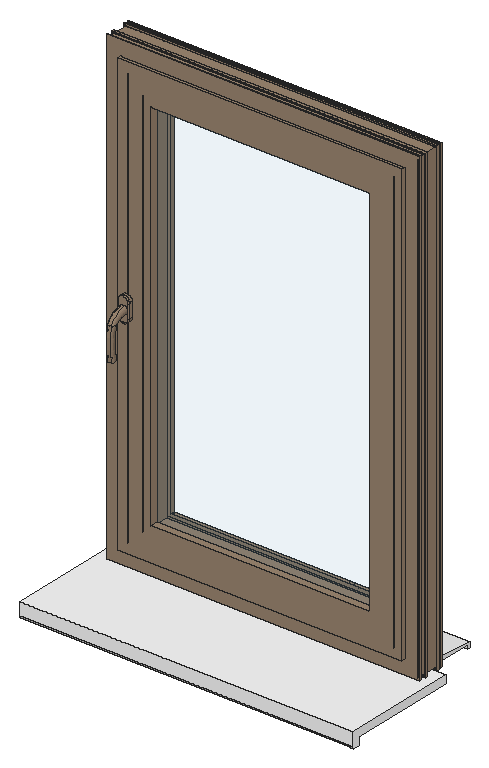
Revit family "1_Окно_Одностворчатое_V72", category Окна, Revit 2019
Family settings
  Основа = Стена
  Номер OmniClass = 23.30.20.17.11
  Заголовок OmniClass = Fixed Windows
  Всегда вертикально = Да
  При загрузке вырезать с полостями = Нет
  Общий = Нет
  Точка расчета площади = Нет
Parameters (values of type "V72")
  Width [instance] = 0.00 mm  # constant formula
  Четверть.Ширина [instance] = 65.00 mm
  Четверть.Высота [instance] = 65.00 mm
  Четверть Правая.Видимость [instance] = yes
  Четверть Правая [instance] = if(and(Четверть Правая.Видимость, Четверть), Четверть.Ширина, 0.00 mm)  # 65.00 mm
  Четверть Левая.Видимость [instance] = yes
  Четверть Левая [instance] = if(and(Четверть Левая.Видимость, Четверть), Четверть.Ширина, 0.00 mm)  # 65.00 mm
  Четверть [instance] = yes
  Четверть.Верхняя [instance] = if(Четверть, Четверть.Высота, 0.00 mm)  # 65.00 mm
  Монтажный зазор спереди [instance] = 20.00 mm
  Монтаж.зазор Низ [instance] = 40.00 mm
  Монтажный зазор.Верх [instance] = 25.00 mm
  VIDNAL_Ширина проема [instance] = ADSK_Ширина рамы + Монтажный зазор.Правый + Монтажный зазор.Левый  # 850.00 mm
  VIDNAL_Цвет конструкции = ""
  VIDNAL_Фурнитура [instance] = ""
  VIDNAL_Формула стеклопакета [instance] = ""
  VIDNAL_Толщина стеклопакета [instance] = ""
  VIDNAL_Сопротивление ветровой нагрузке = ""
  VIDNAL_Система профилей [instance] = "V72"  # constant formula
  VIDNAL_Площадь изделия [instance] = ADSK_Ширина рамы * ADSK_Высота рамы  # 0.96 m²
  VIDNAL_Звукоизоляция [instance] = ""
  VIDNAL_Высота проема [instance] = ADSK_Высота рамы + Монтажный зазор.Верх + Монтаж.зазор Низ  # 1265.00 mm
  Глубина профиля [instance] = 72.00 mm  # constant formula
  Rough Width = 0.00 mm  # constant formula
  Rough Height = 0.00 mm  # constant formula
  Подоконник.Видимость [instance] = yes
  Подоконник = АС_Окна_ПВХСветлосерыйМатовый
  Отлив.Видимость [instance] = yes
  Откосы.Глубина [instance] = 200.00 mm
  Описание = "Окно"
  Обозначение = "ГОСТ 21519-2003"
  Наименование = ""
  Монтажный зазор.Правый [instance] = if(Четверть Правая.Видимость, Монтажный зазор.Боковой, 0.00 mm)  # 25.00 mm
  Монтажный зазор.Левый [instance] = if(Четверть Левая.Видимость, Монтажный зазор.Боковой, 0.00 mm)  # 25.00 mm
  Монтажный зазор.Боковой [instance] = 25.00 mm
  Марка проема [instance] = ""
  Model = ""
  Стекло = АС_Стекло
  Рама = Aluminum
  Отлив = АС_Металл_ОкрашенныйБелыйМатовый
  Type Comments = ""
  Assembly Code = ""
  Высота подоконника по умолчанию = 800.00 mm
  Wall Closure = (empty or 0)
  Height [instance] = 0.00 mm  # constant formula
  Аналитическая конструкция = "<Нет>"
  VIDNAL_Возухопроницаемость [instance] = ""
  VIDNAL_Водонепроницаемость [instance] = ""
  VIDNAL_Rприв. профиля со стеклопакетом [instance] = ""
  ADSK_Ширина рамы [instance] = 800.00 mm
  ADSK_Позиция [instance] = ""
  ADSK_Завод-изготовитель [instance] = "VIDNAL"  # constant formula
  ADSK_Высота рамы [instance] = 1200.00 mm
Reference planes
  plane 1 "ПД": y = 10
  plane 2: z = 0
  plane 3 "Слева": x = -838.1
  plane 4 "Справа": x = 11.9
  plane 5 "Подоконник": z = 800
  plane 6 "ВЕРХ": z = 2065
  plane 7 "Внутренняя": y = -190
  plane 8 "Вставка окна": y = 82
  plane 9 "четверть прав": x = -53.1
  plane 10 "четверть верх": z = 2000
  plane 11 "рама лев": x = -813.1
  plane 12 "рама прав": x = -13.1
  plane 13 "рама верх": z = 2040
  plane 14: y = -240
  plane 15 "Подоконник, отлив": y = 62
  plane 16 "отлив прав": y = 220
  plane 17 "TT": y = 102
  plane 18 "рама низ": z = 840
  plane 19 "створка лев": x = -775.852
  plane 20 "низ створки": z = 877.248
  plane 21 "створка прав": x = -50.348
  plane 22 "верх створки": z = 2002.752
  plane 23 "четверть левая": x = -773.1
  plane 24 "уровень отлива": z = 820
  plane 25 "VV": y = 190
Forms (mm)
  Extrusion 1, void, detail levels medium+fine
    sketch origin (0, 102, 0) x (0, 0, 1) y (-1, 0, 0)
      loop
        line (2065, -11.9) -> (2065, 838.1) -> (800, 838.1) -> (800, -11.9) -> (2065, -11.9)
    from 0 to 1000
  Extrusion 2, void
    sketch origin (0, 82, 0) x (0, 0, -1) y (-1, 0, 0)
      loop
        line (-2000, 53.1) -> (-800, 53.1) -> (-800, 773.1) -> (-2000, 773.1) -> (-2000, 53.1)
    from -100 to 500
  Sweep 3, solid, material "Aluminum" <- "Рама"
    path origin (0, 82, -30) x (0, 0, -1) y (-1, 0, 0)
      loop
        line (-2070, 813.1) -> (-2070, 13.1) -> (-870, 13.1) -> (-870, 813.1) -> (-2070, 813.1)
    profile "Профиль рамы V72 (R19) : Профиль рамы V72 (R19)" origin (-813.1, 82, 1440) x (-1, 0, 0) y (0, 1, 0)
      loop
        line (-37.021, -25.058) -> (-7.134, -25.058) -> (-7.134, -14) -> (-37.021, -14) -> (-37.021, -25.058)
      loop
        line (-37.021, -48) -> (-7.134, -48) -> (-7.134, -39.591) -> (-37.021, -39.591) -> (-37.021, -48)
      loop
        line (-37.021, -38.383) -> (-7.134, -38.383) -> (-7.134, -26.243) -> (-37.021, -26.243) -> (-37.021, -38.383)
      loop
        line (-7, -12.3) -> (-7, -1.5) -> (-37.498, -1.5) -> (-37.498, -12.3) -> (-7, -12.3)
      loop
        line (-6.748, -70.25) -> (-6.748, -49.75) -> (-37.248, -49.75) -> (-37.248, -70.25) -> (-6.748, -70.25)
      loop
        line (0.002, -72) -> (0.002, -67.879) -> (-1.998, -67.879) -> (-1.998, -70.25) -> (-4.998, -70.25) -> (-4.998, -52) -> (-1.998, -52) -> (-1.998, -53.5) -> (0.002, -53.5) -> (0.002, -48) -> (-1.998, -48) -> (-1.998, -50.25) -> (-4.996, -50.25) -> (-4.996, -13.988) -> (-1.997, -14) -> (-1.997, -15.5) -> (0.003, -15.5) -> (0.003, -11.5) -> (-1.497, -11.5) -> (-1.497, -12.5) -> (-5, -12.5) -> (-5, -1.5) -> (-1.5, -1.5) -> (-1.5, -2.5) -> (0, -2.5) -> (0, 0) -> (-65.998, 0) -> (-65.998, -4.2) -> (-58.998, -4.2) -> (-58.998, -1.5) -> (-38.998, -1.5) -> (-38.998, -12.5) -> (-41.998, -12.5) -> (-41.998, -10.908) -> (-43.998, -10.908) -> (-43.998, -15.5) -> (-41.998, -15.5) -> (-41.998, -14) -> (-38.998, -14) -> (-38.998, -50.25) -> (-41.998, -50.25) -> (-41.998, -48.52) -> (-43.998, -48.5) -> (-43.998, -53.5) -> (-41.998, -53.5) -> (-41.998, -52) -> (-38.998, -52) -> (-38.998, -70.25) -> (-41.998, -70.25) -> (-41.998, -67.978) -> (-43.998, -67.978) -> (-43.998, -72) -> (0.002, -72)
  Extrusion 4, solid, visible <- "Отлив.Видимость"
    sketch origin (-918.1, 40.774, 201.776) x (0, 1, 0) y (0, 0, 1)
      loop
        line (21.226, 618.224) -> (174.226, 618.224) -> (174.226, 608.224) -> (179.226, 608.224) -> (179.226, 621.775) -> (21.226, 634.888) -> (21.226, 618.224)
    from 145 to 865
  Extrusion 5, solid, material "АС_Окна_ПВХСветлосерыйМатовый" <- "Подоконник", visible <- "Подоконник.Видимость"
    sketch origin (906.9, -405, 40) x (0, 0, 1) y (0, -1, 0)
      loop
        line (800, -467) -> (800, -170) -> (767, -170)
        arc (767, -170) -> (762.05, -172.05) -> (760, -177) r 7
        line (760, -177) -> (760, -188.375) -> (780, -188.375) -> (780, -467) -> (800, -467)
    from -895 to -1745
Lines and regions (mm)
  Masking region 1
    outline origin (0, 0, 0) x (1, 0, 0) y (0, 1, 0)
      loop
        line (-838.1, 62) -> (-838.1, -190) -> (11.9, -190) -> (11.9, 62) -> (-838.1, 62)
  symbolic lines, style "WindowsFrameMullionProjection", detail levels fine
    curve 1: line (-163.1, 82, 800) -> (-163.1, 10, 800)
    curve 3: line (-163.1, 10, 840) -> (-163.1, 82, 840)
    curve 5: line (-163.1, 82, 2065) -> (-163.1, 10, 2065)
    curve 7: line (-163.1, 10, 2040) -> (-163.1, 82, 2040)
  symbolic lines, style "WindowsFrameMullionProjection"
    curve 2: line (-163.1, 82, 840) -> (-163.1, 82, 800)
    curve 4: line (-163.1, 10, 800) -> (-163.1, 10, 840)
    curve 6: line (-163.1, 82, 2040) -> (-163.1, 82, 2065)
    curve 8: line (-163.1, 10, 2065) -> (-163.1, 10, 2040)
    curve 11: line (-838.1, 82, 0) -> (-838.1, 10, 0)
    curve 12: line (11.9, 82, 0) -> (11.9, 10, 0)
  symbolic lines, style "WindowsFrameMullionProjection", detail levels coarse
    curve 9: line (11.9, 82, 2065) -> (11.9, 82, 800)
    curve 10: line (11.9, 10, 2065) -> (11.9, 10, 800)
Text (mm)
  text "Наружный" at (-2011.448, 646.123, 0), in view "Линия этажа"
  text "Внутренний" at (-2011.448, -562.523, 0), in view "Линия этажа"
  text "Наружный" at (0, 1108.87, 3415.022), in view "Слева"
  text "Наружный" at (0, 464.664, 3176.206), in view "Справа"
Dimensions and locks
  plane 3 "Слева" to plane 4 "Справа" = 850.00 mm
  "Монтажный зазор.Правый": plane 12 "рама прав" to plane 4 "Справа"
  plane 5 "Подоконник" to plane 5 "Подоконник" = 0.00 mm
  "Высота подоконника по умолчанию": plane 5 "Подоконник" to plane 2
  "Четверть.Верхняя": plane 10 "четверть верх" to plane 6 "ВЕРХ"
  "ADSK_Ширина рамы": plane 11 "рама лев" to plane 12 "рама прав"
  "Четверть Правая": plane 9 "четверть прав" to plane 4 "Справа"
  "Глубина профиля": plane 8 "Вставка окна" to plane 1 "ПД"
  "Откосы.Глубина": plane 1 "ПД" to plane 7 "Внутренняя"
  plane 14 to plane 7 "Внутренняя" = 50.00 mm
  "Монтажный зазор.Левый": plane 3 "Слева" to plane 11 "рама лев"
  "Монтажный зазор.Верх": plane 13 "рама верх" to plane 6 "ВЕРХ"
  locked: plane 8 "Вставка окна" to plane 15 "Подоконник, отлив" at 20
  plane 17 "TT" to plane 8 "Вставка окна" = 20.00 mm
  "Монтаж.зазор Низ": plane 18 "рама низ" to plane 5 "Подоконник"
  locked: plane 11 "рама лев" to plane 19 "створка лев" at 37.248
  locked: plane 20 "низ створки" to plane 18 "рама низ" at 37.248
  locked: plane 21 "створка прав" to plane 12 "рама прав" at 37.248
  "ADSK_Высота рамы": plane 13 "рама верх" to plane 18 "рама низ"
  locked: plane 13 "рама верх" to plane 22 "верх створки" at 37.248
  "Четверть Левая": plane 3 "Слева" to plane 23 "четверть левая"
  locked: Extrusion 4 to Extrusion 4 at 5
  Extrusion 4 to Extrusion 4 = 10.00 mm
  plane 8 "Вставка окна" to plane 25 "VV" = 108.00 mm
  "Монтажный зазор спереди": plane 8 "Вставка окна" to plane 17 "TT"
  plane 17 "TT" to plane 25 "VV" = 88.00 mm
  locked: plane 16 "отлив прав" to plane 25 "VV" at 30
  Extrusion 4 to Extrusion 4 = 13.551 mm
  locked: plane 14 to plane 7 "Внутренняя" at 50
  Extrusion 5 sketch curve to Extrusion 5 sketch curve = 40.00 mm
  Extrusion 5 sketch curve to Extrusion 5 sketch curve = 20.00 mm
  locked: plane 18 "рама низ" to plane 24 "уровень отлива" at 20
  level to plane 5 "Подоконник" = 800.00 mm
  plane 5 "Подоконник" to level = 800.00 mm
  plane 5 "Подоконник" to plane 24 "уровень отлива" = 20.00 mm
  plane 18 "рама низ" to plane 24 "уровень отлива" = 20.00 mm
  plane 20 "низ створки" to plane 18 "рама низ" = 37.248 mm
  plane 12 "рама прав" to plane 11 "рама лев" = 800.00 mm
  aligned and locked: plane 9 "четверть прав" to Extrusion 2 sketch curve
  aligned and locked: Extrusion 2 sketch curve to plane 10 "четверть верх"
  aligned and locked: plane 5 "Подоконник" to Extrusion 2 sketch curve
  aligned: Extrusion 2 sketch curve to plane 3 "Слева"
  aligned and locked: curve 5 to plane 6 "ВЕРХ"
  aligned and locked: plane 8 "Вставка окна" to curve 6
  aligned and locked: curve 7 to plane 13 "рама верх"
  aligned and locked: plane 4 "Справа" to curve 12
  aligned and locked: level to plane 2
  aligned and locked: plane 12 "рама прав" to Sweep 3 sketch curve
  aligned and locked: plane 11 "рама лев" to Sweep 3 sketch curve
  aligned and locked: Masking region 1 sketch curve to plane 3 "Слева"
  aligned and locked: plane 7 "Внутренняя" to Masking region 1 sketch curve
  aligned and locked: plane 4 "Справа" to Masking region 1 sketch curve
  aligned and locked: nested 1 to plane 8 "Вставка окна"
  aligned and locked: plane 13 "рама верх" to Sweep 3 sketch curve
  aligned and locked: Sweep 3 sketch curve to plane 18 "рама низ"
  aligned and locked: plane 23 "четверть левая" to Extrusion 2 sketch curve
  aligned and locked: plane 15 "Подоконник, отлив" to Masking region 1 sketch curve
  aligned and locked: plane 15 "Подоконник, отлив" to Extrusion 4  (x2)
  aligned and locked: Extrusion 4 to plane 16 "отлив прав"
  aligned and locked: Extrusion 4 to plane 9 "четверть прав"
  aligned and locked: plane 23 "четверть левая" to Extrusion 4
  aligned and locked: plane 25 "VV" to host wall
  aligned and locked: host wall to plane 7 "Внутренняя"
  aligned and locked: plane 3 "Слева" to Extrusion 5
  aligned and locked: Extrusion 5 to plane 4 "Справа"
  aligned and locked: Extrusion 5 to plane 15 "Подоконник, отлив"
  aligned and locked: plane 22 "верх створки" to nested 1
  aligned and locked: plane 19 "створка лев" to nested 1
  aligned and locked: plane 21 "створка прав" to nested 1
  aligned and locked: plane 24 "уровень отлива" to Extrusion 4
  aligned and locked: plane 18 "рама низ" to Extrusion 5
  aligned and locked: plane 20 "низ створки" to nested 1
Automatic sketch dimensions
  plane 4 "Справа" to Extrusion 1 sketch curve = 0.00 mm
  Extrusion 1 sketch curve to plane 5 "Подоконник" = 0.00 mm
  Extrusion 1 sketch curve to plane 6 "ВЕРХ" = 0.00 mm
  plane 3 "Слева" to Extrusion 1 sketch curve = 0.00 mm
  plane 1 "ПД" to curve 11 = 0.00 mm
  curve 11 to plane 3 "Слева" = 0.00 mm
  plane 1 "ПД" to curve 12 = 0.00 mm
  curve 12 to plane 8 "Вставка окна" = 0.00 mm
  curve 11 to plane 8 "Вставка окна" = 0.00 mm
  curve 6 to plane 8 "Вставка окна" = 0.00 mm
  curve 3 to plane 18 "рама низ" = 0.00 mm
  plane 5 "Подоконник" to curve 9 = 0.00 mm
  curve 9 to plane 8 "Вставка окна" = 0.00 mm
  curve 10 to plane 1 "ПД" = 0.00 mm
  plane 5 "Подоконник" to curve 10 = 0.00 mm
  plane 6 "ВЕРХ" to curve 10 = 0.00 mm
  plane 6 "ВЕРХ" to curve 9 = 0.00 mm
  host wall to Extrusion 4 sketch curve = 25.00 mm
  host wall to Extrusion 4 sketch curve = 30.00 mm
  Extrusion 4 sketch curve to plane 5 "Подоконник" = 10.00 mm
  Extrusion 4 sketch curve to Extrusion 4 sketch curve = 10.00 mm
  Extrusion 4 sketch curve to Extrusion 4 sketch curve = 3.551 mm
  Extrusion 4 sketch curve to Extrusion 4 sketch curve = 16.664 mm
  Extrusion 4 sketch curve to plane 15 "Подоконник, отлив" = 0.00 mm
  plane 5 "Подоконник" to curve 1 = 0.00 mm
  plane 5 "Подоконник" to Extrusion 5 sketch curve = 0.00 mm
  Extrusion 5 sketch curve to Extrusion 5 sketch curve = 7.00 mm
  Extrusion 5 sketch curve to plane 1 "ПД" = 52.00 mm
  plane 14 to Extrusion 5 sketch curve = 23.375 mm
  Extrusion 5 sketch curve to Extrusion 5 sketch curve = 11.375 mm
  curve 2 to plane 8 "Вставка окна" = 0.00 mm
  curve 8 to plane 1 "ПД" = 0.00 mm
  curve 1 to plane 1 "ПД" = 0.00 mm
Nested families
  nested 1: "СТВОРКА V72" at (-775.852, 82, 877.248), type "Поворотно-откидная право"
    with Створка.Ширина 725.505 mm, Створка.Высота 1125.505 mm
Definition of nested family "СТВОРКА V72"
  Parameters (values of type "Поворотно-откидная право")
    отк нз = no
    отк лев = no
    отк ввер = yes
    от пр = yes
    Стекло = none
    Створка.Ширина [instance] = 600.00 mm
    Створка.Высота [instance] = 900.00 mm
    Створка VIDNAL = none
    Ручка.Справа = no
    Ручка.Снизу = no
    Ручка.Слева = yes
    Ручка.Сверху = no
    Открытие = not(Глухая)  # yes
    Глухая = no
    Габариты заполнения = 0.00 mm
    Analytic Construction = "<Нет>"
  Types (7, lengths in mm): name | отк нз | отк лев | отк ввер | от пр | Ручка.Справа | Ручка.Снизу | Ручка.Слева | Ручка.Сверху | Открытие | Глухая
    Глухая | no | no | no | no | no | no | no | no | no | yes
    Поворотная право | no | no | no | yes | no | no | yes | no | yes | no
    Поворотная лево | no | yes | no | no | yes | no | no | no | yes | no
    Поворотно-откидная лево | no | yes | yes | no | yes | no | no | no | yes | no
    Поворотно-откидная право | no | no | yes | yes | no | no | yes | no | yes | no
    Фрамуга с нижним откидыванием | yes | no | no | no | no | yes | no | no | yes | no
    Фрамуга с верхним откидыванием | no | no | yes | no | no | no | no | yes | yes | no
  Reference planes
    plane 1 "Center (Front/Back)": y = 0
    plane 2 "Bottom": z = 0
    plane 3 "Left": x = 0
    plane 4 "Right": x = 600
    plane 5 "Top": z = 900
    plane 6: z = 450
    plane 7: x = 300
    plane 8: x = 0
    plane 9: x = 600
    plane 10: y = -17.2
    plane 11: y = -57.2
    plane 12: z = 900
    plane 13: z = 0
    plane 14: y = -81
    plane 15: y = -17.2
  Forms (mm)
    Extrusion 1, solid, material <- "Стекло"
      sketch origin (160, -17.2, 825.5) x (0, 0, -1) y (-1, 0, 0)
        loop
          line (825.5, 160) -> (-74.5, 160) -> (-74.5, -440) -> (825.5, -440) -> (825.5, 160)
      from -40 to 0
    Sweep 2, solid, material <- "Створка VIDNAL", visible <- "Открытие"
      path origin (0, 0, 0) x (1, 0, 0) y (0, 0, 1)
        loop
          line (0, 900) -> (0, 0) -> (600, 0) -> (600, 900) -> (0, 900)
      profile "Профиль створки V72 : Профиль створки V72" origin (300, 0, 900) x (0, 0, 1) y (0, -1, 0)
        loop
          line (-27.1, 14.3) -> (-57.6, 14.3) -> (-57.6, 1.5) -> (-37, 1.5) -> (-37, 7) -> (-27.1, 7) -> (-27.1, 14.3)
        loop
          line (-57.508, 23.909) -> (-57.508, 16) -> (-31.105, 16) -> (-31.105, 23.909) -> (-57.508, 23.909)
        loop
          line (-57.508, 26.549) -> (-31.105, 26.549) -> (-31.105, 36.954) -> (-57.508, 36.954) -> (-57.508, 26.549)
        loop
          line (-57.514, 39.773) -> (-31.105, 39.773) -> (-31.105, 50) -> (-57.514, 50) -> (-57.514, 39.773)
        loop
          line (-56, 79.25) -> (-59, 79.25) -> (-59, 76.151) -> (-62.7, 76.151) -> (-62.7, 79.6) -> (-81.6, 79.6) -> (-81.6, 65.6) -> (-76, 65.6) -> (-66, 63.8) -> (-59, 63.8) -> (-59, 59) -> (-56, 59) -> (-56, 79.25)
        loop
          line (-18.843, 32.487) -> (-29.504, 32.487) -> (-29.504, 24.689) -> (-18.843, 24.689) -> (-18.843, 32.487)
        loop
          line (-18.87, 44.01) -> (-29.504, 44.01) -> (-29.504, 33.802) -> (-18.87, 33.802) -> (-18.87, 44.01)
        loop
          line (-23.75, 79.25) -> (-54.25, 79.25) -> (-54.25, 58.75) -> (-51.75, 58.75) -> (-51.75, 57) -> (-57.75, 57) -> (-57.75, 51.75) -> (-23.75, 51.75) -> (-23.75, 57) -> (-25.75, 57) -> (-25.75, 58.75) -> (-23.75, 58.75) -> (-23.75, 79.25)
        loop
          line (-3.5, 76.8) -> (-3.5, 72) -> (0, 72) -> (0, 76.8) -> (0, 81) -> (-1, 81) -> (-83.302, 81) -> (-83.302, 61.361) -> (-76, 61.21) -> (-76, 64.381) -> (-66.107, 62.5) -> (-61, 62.5) -> (-61, 57) -> (-59.5, 57) -> (-59.5, 1.5) -> (-75, 1.5) -> (-81.5, 8) -> (-81.5, 13.054) -> (-74.5, 13.054) -> (-74.5, 17.2) -> (-83, 17.2) -> (-83, 7) -> (-76, 0) -> (-35.5, 0) -> (-35.5, 5.5) -> (-28, 5.5) -> (-28, 4.195) -> (-21, 4.195) -> (-21, 5.5) -> (-25.5, 5.5) -> (-25.5, 23.5) -> (-17.5, 23.5) -> (-17.5, 45.156) -> (-25.2, 45.156) -> (-25.2, 50) -> (-17.5, 50) -> (-17.5, 54.5) -> (-19, 54.5) -> (-19, 52) -> (-22, 52) -> (-22, 72) -> (-19, 72) -> (-19, 69.5) -> (-17.5, 69.5) -> (-17.5, 74) -> (-22, 74) -> (-22, 79.25) -> (-7, 79.25) -> (-7, 76.8) -> (-3.5, 76.8)
  Lines and regions (mm)
    symbolic lines, visible <- "Глухая"
      curve 1: line (300, 0, 500) -> (300, 0, 400)
      curve 2: line (250, 0, 450) -> (350, 0, 450)
    symbolic lines, visible <- "от пр"
      curve 3: line (583, -75, 883) -> (17, -75, 450)
      curve 4: line (17, -75, 450) -> (583, -75, 17)
    symbolic lines, visible <- "отк лев"
      curve 5: line (17, -75, 17) -> (583, -75, 450)
      curve 6: line (583, -75, 450) -> (17, -75, 883)
    symbolic lines, visible <- "отк ввер"
      curve 7: line (17, -75, 17) -> (300, -75, 883)
      curve 8: line (300, -75, 883) -> (583, -75, 17)
    symbolic lines, visible <- "отк нз"
      curve 9: line (17, -75, 883) -> (300, -75, 17)
      curve 10: line (300, -75, 17) -> (583, -75, 883)
  Dimensions and locks
    "Створка.Ширина": plane 4 "Right" to plane 3 "Left"
    "Створка.Высота": plane 5 "Top" to plane 2 "Bottom"
    equal spacing: plane 3 "Left", curve 1, plane 4 "Right"
    equal spacing: plane 5 "Top", curve 2, plane 2 "Bottom"
    curve 1 to curve 2 to curve 1 = 50.00 mm locked, 50.00 mm locked
    curve 2 to curve 1 to curve 2 = 50.00 mm locked, 50.00 mm locked
    equal spacing: plane 5 "Top", plane 6, plane 2 "Bottom"
    equal spacing: plane 4 "Right", plane 7, plane 3 "Left"
    locked: plane 5 "Top" to nested 1 at 23
    "Габариты заполнения": plane 3 "Left" to plane 8
    "Габариты заполнения": plane 9 to plane 4 "Right"
    "Габариты заполнения": plane 13 to plane 2 "Bottom"
    "Габариты заполнения": plane 5 "Top" to plane 12
    locked: nested 4 to plane 2 "Bottom" at 23
    locked: nested 3 to plane 4 "Right" at 23
    locked: plane 3 "Left" to nested 2 at 23
    plane 15 to Extrusion 1 = 40.00 mm
    aligned and locked: level to plane 2 "Bottom"
    aligned and locked: plane 6 to curve 4
    aligned and locked: plane 6 to curve 6
    aligned and locked: plane 7 to curve 8
    aligned and locked: plane 7 to curve 10
    aligned and locked: plane 3 "Left" to Sweep 2 sketch curve
    aligned and locked: plane 4 "Right" to Sweep 2 sketch curve
    aligned and locked: Extrusion 1 to plane 8
    aligned and locked: Extrusion 1 to plane 10
    aligned and locked: Extrusion 1 to plane 11
    aligned and locked: nested 1 to plane 7
    aligned and locked: plane 9 to Extrusion 1
    aligned and locked: plane 12 to Extrusion 1
    aligned and locked: nested 3 to plane 6
    aligned and locked: nested 2 to plane 6
    aligned and locked: plane 7 to nested 4
    aligned and locked: plane 2 "Bottom" to Extrusion 1
    aligned and locked: Sweep 2 sketch curve to plane 12
    aligned and locked: Sweep 2 sketch curve to Extrusion 1
  Automatic sketch dimensions
    plane 8 to curve 6 = 17.00 mm
    plane 8 to curve 5 = 17.00 mm
    plane 8 to curve 4 = 17.00 mm
    curve 8 to plane 9 = 17.00 mm
    curve 5 to plane 9 = 17.00 mm
    curve 3 to plane 9 = 17.00 mm
    plane 13 to curve 10 = 17.00 mm
    plane 13 to curve 5 = 17.00 mm
    plane 13 to curve 4 = 17.00 mm
    curve 8 to plane 12 = 17.00 mm
    curve 9 to plane 12 = 17.00 mm
    curve 3 to plane 12 = 17.00 mm
    Extrusion 1 sketch curve to plane 3 "Left" = 0.00 mm
    Extrusion 1 sketch curve to plane 5 "Top" = 0.00 mm
    level to Extrusion 1 sketch curve = 0.00 mm
    plane 4 "Right" to Extrusion 1 sketch curve = 0.00 mm
  Nested families
    nested 1: "Ручка" at (300, -81, 877) x (1, 0, 0) z (0, -1, 0), visible <- "Ручка.Сверху", type "Ручка"
    nested 2: "Ручка" at (23, -81, 450) x (0, 0, -1) z (0, -1, 0), visible <- "Ручка.Слева", type "Ручка"
    nested 3: "Ручка" at (577, -81, 450) x (0, 0, -1) z (0, -1, 0), visible <- "Ручка.Справа", type "Ручка"
    nested 4: "Ручка" at (300, -81, 23) x (1, 0, 0) z (0, -1, 0), visible <- "Ручка.Снизу", type "Ручка"
  Definition of nested family "Ручка"
    Parameters (values of type "Ручка")
      Default Elevation = 1219.20 mm
      Ручка = none
      Analytic Construction = "<None>"
    Reference planes
      plane 1 "По центру (Вперед/Назад)": y = 0
      plane 2: z = 0
      plane 3 "По центру (Влево/Вправо)": x = 0
    Forms (mm)
      Extrusion 1, solid
        sketch origin (0, 0, 0) x (1, 0, 0) y (0, 1, 0)
          loop
            line (-1219.2, 1219.2) -> (-1219.2, -1219.2) -> (1219.2, -1219.2) -> (1219.2, 1219.2) -> (-1219.2, 1219.2)
        from 0 to -304.8
      Extrusion 2, solid, material <- "Ручка"
        sketch origin (0, 0, 0) x (1, 0, 0) y (0, 1, 0)
          loop
            arc (-18, 14) -> (-32, 0) -> (-18, -14) r 14
            line (-18, -14) -> (18, -14)
            arc (18, -14) -> (32, 0) -> (18, 14) r 14
            line (18, 14) -> (-18, 14)
        from 2 to 10
      SweptBlend 3, solid, material <- "Ручка"
        path origin (0, 0, 0) x (1, 0, 0) y (0, 0, 1)
          loop
            arc (20.682, 50.862) -> (5.492, 34.011) -> (0, 12) r 46.852
        profile origin (20.682, 0, 50.862) x (0.558567, 0, -0.829459) y (0, -1, 0)
          loop
            line (-6, 5.292) -> (-6, -5.292)
            arc (-6, -5.292) -> (8, 0) -> (-6, 5.292) r 8
        end profile origin (0, 0, 12) x (0, -1, 0) y (1, 0, 0)
          loop
            arc (4.359, -9) -> (0, 10) -> (-4.359, -9) r 10
            line (-4.359, -9) -> (4.359, -9)
      Blend 4, solid, material <- "Ручка"
        base sketch origin (0, 0, 10) x (1, 0, 0) y (0, 1, 0)
          loop
            line (-18, -14) -> (18, -14)
            arc (18, -14) -> (32, 0) -> (18, 14) r 14
            line (18, 14) -> (-18, 14)
            arc (-18, 14) -> (-32, 0) -> (-18, -14) r 14
        top sketch origin (0, 0, 10) x (1, 0, 0) y (0, 1, 0)
          loop
            line (-18, -12) -> (18, -12)
            arc (18, -12) -> (30, 0) -> (18, 12) r 12
            line (18, 12) -> (-18, 12)
            arc (-18, 12) -> (-30, 0) -> (-18, -12) r 12
        from 0 to 2
      Blend 5, solid, material <- "Ручка"
        base sketch origin (0, 0, 2) x (1, 0, 0) y (0, 1, 0)
          loop
            line (-18, -14) -> (18, -14)
            arc (18, -14) -> (32, 0) -> (18, 14) r 14
            line (18, 14) -> (-18, 14)
            arc (-18, 14) -> (-32, 0) -> (-18, -14) r 14
        top sketch origin (0, 0, 2) x (1, 0, 0) y (0, 1, 0)
          loop
            line (-18, -12) -> (18, -12)
            arc (18, -12) -> (30, 0) -> (18, 12) r 12
            line (18, 12) -> (-18, 12)
            arc (-18, 12) -> (-30, 0) -> (-18, -12) r 12
        from 0 to -2
      SweptBlend 6, solid, material <- "Ручка"
        path origin (61.806, 0, 18.443) x (1, 0, 0) y (0, 0, 1)
          loop
            arc (-43.225, 31.526) -> (-2.327, 35.833) -> (38.57, 31.526) r 196.318
        profile origin (18.581, 0, 49.97) x (-0.208324, 0, 0.97806) y (0, -1, 0)
          loop
            line (6, -5.292) -> (6, 5.292)
            arc (6, 5.292) -> (-8, 0) -> (6, -5.292) r 8
        end profile origin (100.377, 0, 49.97) x (0.208324, 0, 0.97806) y (0, -1, 0)
          loop
            line (6, -5.292) -> (6, 5.292)
            arc (6, 5.292) -> (-8, 0) -> (6, -5.292) r 8
    Cuts and joins
      joined: Extrusion 2, Blend 4, Blend 5, SweptBlend 6
    Lines and regions (mm)
      symbolic lines
        curve 1: line (-32, 0, 0) -> (32, 0, 0)
        curve 2: line (0, 14, 0) -> (0, -14, 0)
        curve 3: line (-32, 0, 0) -> (32, 0, 0)
    Dimensions and locks
      aligned and locked: plane 2 to Extrusion 1
      aligned and locked: level to Extrusion 1
